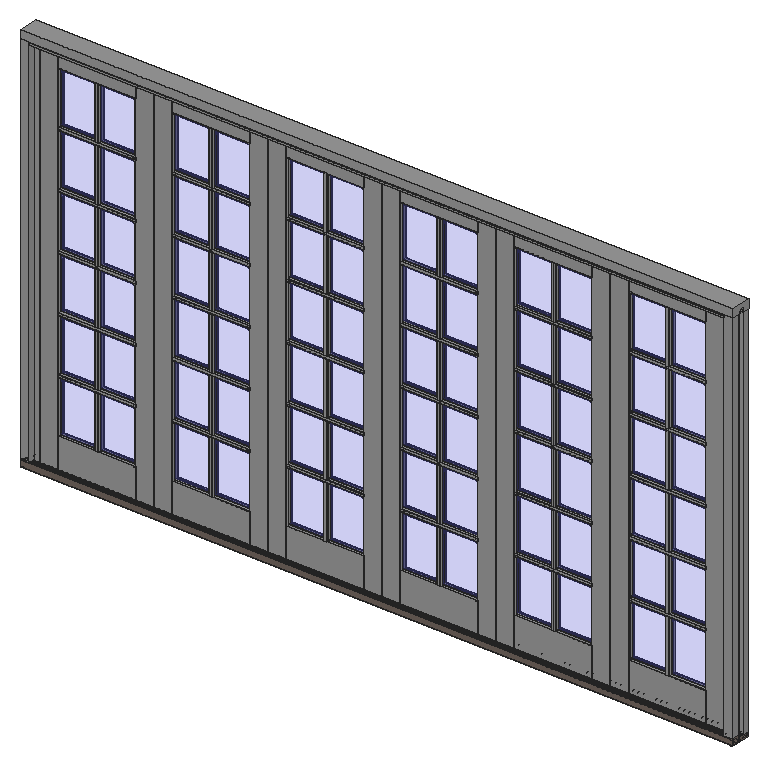
Revit family "VSFA 3820 SP", category Doors, host Wall, Revit 2015
Parameters (values of type "VSFA 3820 SP")
  Function = Interior
  Frame Projection Ext. = 25 mm
  Frame Projection Int. = 25 mm
  Frame Width = 75 mm
  Height = 2100 mm
  Wall Closure = By host
  Width = 3820 mm
Reference planes
  plane 1: y = 0
  plane 2 "Center (Left/Right)": x = 0
  plane 3 "Left": x = -1910
  plane 4 "Right": x = 1910
  plane 5: z = 2100
  plane 6 "Exterior": y = 75
  plane 7 "Interior": y = -75
  plane 8: x = 1835
  plane 9: x = 1225
  plane 10: x = 1222.5
  plane 11: x = 612.5
  plane 12: x = 610
  plane 13: x = -1835
  plane 14: x = -1225
  plane 15: x = -1222.5
  plane 16: x = -612.5
  plane 17: x = -610
Forms (mm)
  Extrusion 1, solid, material "Aluminium Cill (Bronze)"
    sketch origin (0, 79.18, -119.746) x (0, 1, 0) y (0, 0, -1)
      loop
        arc (-26.68, -120.746) -> (-26.972, -120.039) -> (-27.68, -119.746) r 1
        line (-27.68, -119.746) -> (-130.68, -119.746)
        arc (-130.68, -119.746) -> (-131.387, -120.039) -> (-131.68, -120.746) r 1
        line (-131.68, -120.746) -> (-131.68, -150.746)
        arc (-131.68, -150.746) -> (-131.387, -151.453) -> (-130.68, -151.746) r 1
        line (-130.68, -151.746) -> (-120.912, -151.746)
        arc (-120.912, -151.746) -> (-119.18, -150.746) -> (-117.447, -151.746) r 2
        line (-117.447, -151.746) -> (-112.912, -151.746)
        arc (-112.912, -151.746) -> (-111.18, -150.746) -> (-109.447, -151.746) r 2
        line (-109.447, -151.746) -> (-99.68, -151.746)
        arc (-99.68, -151.746) -> (-98.972, -151.453) -> (-98.68, -150.746) r 1
        line (-98.68, -150.746) -> (-98.68, -149.246)
        arc (-98.68, -149.246) -> (-99.18, -148.746) -> (-99.68, -149.246) r 0.5
        line (-99.68, -149.246) -> (-99.68, -150.246) -> (-100.88, -150.246) -> (-100.88, -142.734) -> (-99.68, -142.734) -> (-99.68, -143.746)
        arc (-99.68, -143.746) -> (-99.18, -144.246) -> (-98.68, -143.746) r 0.5
        line (-98.68, -143.746) -> (-98.68, -138.746) -> (-90.432, -138.746) -> (-82.18, -138.746) -> (-82.18, -135.246)
        arc (-82.18, -135.246) -> (-81.74, -134.185) -> (-80.68, -133.746) r 1.5
        line (-80.68, -133.746) -> (-75.93, -133.746) -> (-75.93, -135.746) -> (-77.363, -135.746)
        arc (-77.363, -135.746) -> (-74.68, -138.746) -> (-71.996, -135.746) r 2.7
        line (-71.996, -135.746) -> (-73.43, -135.746) -> (-73.43, -133.746) -> (-68.68, -133.746)
        arc (-68.68, -133.746) -> (-67.619, -134.185) -> (-67.18, -135.246) r 1.5
        line (-67.18, -135.246) -> (-67.18, -138.746) -> (-60.412, -138.746)
        arc (-60.412, -138.746) -> (-58.68, -137.746) -> (-56.947, -138.746) r 2
        line (-56.947, -138.746) -> (-52.412, -138.746)
        arc (-52.412, -138.746) -> (-50.68, -137.746) -> (-48.947, -138.746) r 2
        line (-48.947, -138.746) -> (-44.412, -138.746)
        arc (-44.412, -138.746) -> (-42.68, -137.746) -> (-40.947, -138.746) r 2
        line (-40.947, -138.746) -> (-29.68, -138.746)
        arc (-29.68, -138.746) -> (-27.558, -137.867) -> (-26.68, -135.746) r 3
        line (-26.68, -135.746) -> (-26.68, -120.746)
      loop
        arc (-29.68, -137.246) -> (-28.619, -136.807) -> (-28.18, -135.746) r 1.5
        line (-28.18, -135.746) -> (-28.18, -121.246) -> (-73.93, -121.246) -> (-73.93, -132.246) -> (-68.68, -132.246)
        arc (-68.68, -132.246) -> (-66.558, -133.125) -> (-65.68, -135.246) r 3
        line (-65.68, -135.246) -> (-65.68, -137.246) -> (-61.129, -137.246)
        arc (-61.129, -137.246) -> (-58.68, -136.246) -> (-56.23, -137.246) r 3.5
        line (-56.23, -137.246) -> (-53.129, -137.246)
        arc (-53.129, -137.246) -> (-50.68, -136.246) -> (-48.23, -137.246) r 3.5
        line (-48.23, -137.246) -> (-45.129, -137.246)
        arc (-45.129, -137.246) -> (-42.68, -136.246) -> (-40.23, -137.246) r 3.5
        line (-40.23, -137.246) -> (-29.68, -137.246)
      loop
        line (-75.43, -132.246) -> (-75.43, -121.246) -> (-98.68, -121.246) -> (-98.68, -137.246) -> (-83.68, -137.246) -> (-83.68, -135.246)
        arc (-83.68, -135.246) -> (-82.801, -133.125) -> (-80.68, -132.246) r 3
        line (-80.68, -132.246) -> (-75.43, -132.246)
      loop
        line (-100.18, -121.246) -> (-130.18, -121.246) -> (-130.18, -150.246) -> (-121.629, -150.246)
        arc (-121.629, -150.246) -> (-119.18, -149.246) -> (-116.73, -150.246) r 3.5
        line (-116.73, -150.246) -> (-113.629, -150.246)
        arc (-113.629, -150.246) -> (-111.18, -149.246) -> (-108.73, -150.246) r 3.5
        line (-108.73, -150.246) -> (-102.38, -150.246) -> (-102.38, -141.246) -> (-100.18, -141.246) -> (-100.18, -121.246)
    from -1910 to 1910
  Extrusion 2, solid, material "Lauan, Meranti"
    sketch origin (-122.148, 0, 0) x (0, 1, 0) y (0, 0, 1)
      loop
        line (52.5, 2100) -> (-52.5, 2100) -> (-52.5, 2055) -> (-6.5, 2055) -> (-6.5, 2075) -> (15.5, 2075) -> (15.5, 2055) -> (52.5, 2055) -> (52.5, 2100)
    from -1787.852 to 2032.148
  Extrusion 3, solid, material "Lauan, Meranti"
    sketch origin (2.986, 0, 0) x (0, 1, 0) y (0, 0, 1)
      loop
        line (-52.5, 2052) -> (-52.5, 2042) -> (-20.5, 2042) -> (-20.5, 2045.5) -> (-27.5, 2045.5) -> (-27.5, 2048.5) -> (-20.5, 2048.5) -> (-20.5, 2055) -> (-49.5, 2055) -> (-49.5, 2052) -> (-52.5, 2052)
    from -1867.986 to 1862.014
  Extrusion 4, solid, material "Lauan, Meranti"
    sketch origin (615, 0, 0) x (1, 0, 0) y (0, 1, 0)
      loop
        line (1295, -52.5) -> (1295, -16.5) -> (1250, -16.5) -> (1250, -52.5) -> (1295, -52.5)
      loop
        line (1295, 52.5) -> (1250, 52.5) -> (1250, 25.5) -> (1295, 25.5) -> (1295, 52.5)
      loop
        line (1220, 24.5) -> (1220, -15.5) -> (1265, -15.5) -> (1265, -5.5) -> (1240, -5.5) -> (1240, 14.5) -> (1265, 14.5) -> (1265, 24.5) -> (1220, 24.5)
      loop
        line (-2525, -52.5) -> (-2480, -52.5) -> (-2480, -16.5) -> (-2525, -16.5) -> (-2525, -52.5)
      loop
        line (-2525, 52.5) -> (-2525, 25.5) -> (-2480, 25.5) -> (-2480, 52.5) -> (-2525, 52.5)
      loop
        line (-2450, 24.5) -> (-2495, 24.5) -> (-2495, 14.5) -> (-2470, 14.5) -> (-2470, -5.5) -> (-2495, -5.5) -> (-2495, -15.5) -> (-2450, -15.5) -> (-2450, 24.5)
    from 32 to 2055
  Extrusion 5, solid, material "Steel, Chrome Plated"
    sketch origin (129.456, -1.5, 0) x (0, 1, 0) y (0, 0, -1)
      loop
        line (16.5, -2075) -> (16.5, -2055) -> (14.3, -2055) -> (14.3, -2072.8) -> (-2.3, -2072.8) -> (-2.3, -2055) -> (-4.5, -2055) -> (-4.5, -2075) -> (16.5, -2075)
    from -1780.544 to 2039.456
  Extrusion 6, solid, material "Lauan, Meranti"
    sketch origin (615, 0, 0) x (1, 0, 0) y (0, 1, 0)
      loop
        line (1250, 52.5) -> (1250, 25.5) -> (1295, 25.5) -> (1295, 52.5) -> (1250, 52.5)
      loop
        line (1265, 24.5) -> (1220, 24.5) -> (1220, -15.5) -> (1265, -15.5) -> (1265, -5.5) -> (1240, -5.5) -> (1240, 14.5) -> (1265, 14.5) -> (1265, 24.5)
      loop
        line (-2480, 52.5) -> (-2525, 52.5) -> (-2525, 25.5) -> (-2480, 25.5) -> (-2480, 52.5)
      loop
        line (-2495, 24.5) -> (-2495, 14.5) -> (-2470, 14.5) -> (-2470, -5.5) -> (-2495, -5.5) -> (-2495, -15.5) -> (-2450, -15.5) -> (-2450, 24.5) -> (-2495, 24.5)
    from 19 to 32
  Extrusion 7, solid, material "Lauan, Meranti"
    sketch origin (2155, 0, 0) x (1, 0, 0) y (0, 1, 0)
      loop
        line (-930, -15.5) -> (-834, -15.5) -> (-834, -13.5)
        arc (-834, -13.5) -> (-829.265, -11.94) -> (-827, -7.5) r 6.549
        line (-827, -7.5) -> (-825, -7.5) -> (-825, -5.5) -> (-834, -5.5) -> (-834, 24.5) -> (-930, 24.5) -> (-930, -15.5)
      loop
        line (-320, -15.5) -> (-320, 24.5) -> (-416, 24.5) -> (-416, -5.5) -> (-425, -5.5) -> (-425, -7.5) -> (-423, -7.5)
        arc (-423, -7.5) -> (-420.735, -11.94) -> (-416, -13.5) r 6.549
        line (-416, -13.5) -> (-416, -15.5) -> (-320, -15.5)
    from 19 to 2055
  Extrusion 8, solid, material "Lauan, Meranti"
    sketch origin (1542.5, 0, 0) x (1, 0, 0) y (0, 1, 0)
      loop
        line (-930, -15.5) -> (-834, -15.5) -> (-834, -13.5)
        arc (-834, -13.5) -> (-829.265, -11.94) -> (-827, -7.5) r 6.549
        line (-827, -7.5) -> (-825, -7.5) -> (-825, -5.5) -> (-834, -5.5) -> (-834, 24.5) -> (-930, 24.5) -> (-930, -15.5)
      loop
        line (-320, -15.5) -> (-320, 24.5) -> (-416, 24.5) -> (-416, -5.5) -> (-425, -5.5) -> (-425, -7.5) -> (-423, -7.5)
        arc (-423, -7.5) -> (-420.735, -11.94) -> (-416, -13.5) r 6.549
        line (-416, -13.5) -> (-416, -15.5) -> (-320, -15.5)
    from 19 to 2055
  Extrusion 9, solid, material "Lauan, Meranti"
    sketch origin (930, 0, 0) x (1, 0, 0) y (0, 1, 0)
      loop
        line (-930, -15.5) -> (-834, -15.5) -> (-834, -13.5)
        arc (-834, -13.5) -> (-829.265, -11.94) -> (-827, -7.5) r 6.549
        line (-827, -7.5) -> (-825, -7.5) -> (-825, -5.5) -> (-834, -5.5) -> (-834, 24.5) -> (-930, 24.5) -> (-930, -15.5)
      loop
        line (-320, -15.5) -> (-320, 24.5) -> (-416, 24.5) -> (-416, -5.5) -> (-425, -5.5) -> (-425, -7.5) -> (-423, -7.5)
        arc (-423, -7.5) -> (-420.735, -11.94) -> (-416, -13.5) r 6.549
        line (-416, -13.5) -> (-416, -15.5) -> (-320, -15.5)
    from 19 to 2055
  Extrusion 10, solid, material "Lauan, Meranti"
    sketch origin (320, 0, 0) x (1, 0, 0) y (0, 1, 0)
      loop
        line (-930, -15.5) -> (-834, -15.5) -> (-834, -13.5)
        arc (-834, -13.5) -> (-829.265, -11.94) -> (-827, -7.5) r 6.549
        line (-827, -7.5) -> (-825, -7.5) -> (-825, -5.5) -> (-834, -5.5) -> (-834, 24.5) -> (-930, 24.5) -> (-930, -15.5)
      loop
        line (-320, -15.5) -> (-320, 24.5) -> (-416, 24.5) -> (-416, -5.5) -> (-425, -5.5) -> (-425, -7.5) -> (-423, -7.5)
        arc (-423, -7.5) -> (-420.735, -11.94) -> (-416, -13.5) r 6.549
        line (-416, -13.5) -> (-416, -15.5) -> (-320, -15.5)
    from 19 to 2055
  Extrusion 11, solid, material "Lauan, Meranti"
    sketch origin (-292.5, 0, 0) x (1, 0, 0) y (0, 1, 0)
      loop
        line (-930, -15.5) -> (-834, -15.5) -> (-834, -13.5)
        arc (-834, -13.5) -> (-829.265, -11.94) -> (-827, -7.5) r 6.549
        line (-827, -7.5) -> (-825, -7.5) -> (-825, -5.5) -> (-834, -5.5) -> (-834, 24.5) -> (-930, 24.5) -> (-930, -15.5)
      loop
        line (-320, -15.5) -> (-320, 24.5) -> (-416, 24.5) -> (-416, -5.5) -> (-425, -5.5) -> (-425, -7.5) -> (-423, -7.5)
        arc (-423, -7.5) -> (-420.735, -11.94) -> (-416, -13.5) r 6.549
        line (-416, -13.5) -> (-416, -15.5) -> (-320, -15.5)
    from 19 to 2055
  Extrusion 12, solid, material "Lauan, Meranti"
    sketch origin (-905, 0, 0) x (1, 0, 0) y (0, 1, 0)
      loop
        line (-930, -15.5) -> (-834, -15.5) -> (-834, -13.5)
        arc (-834, -13.5) -> (-829.265, -11.94) -> (-827, -7.5) r 6.549
        line (-827, -7.5) -> (-825, -7.5) -> (-825, -5.5) -> (-834, -5.5) -> (-834, 24.5) -> (-930, 24.5) -> (-930, -15.5)
      loop
        line (-320, -15.5) -> (-320, 24.5) -> (-416, 24.5) -> (-416, -5.5) -> (-425, -5.5) -> (-425, -7.5) -> (-423, -7.5)
        arc (-423, -7.5) -> (-420.735, -11.94) -> (-416, -13.5) r 6.549
        line (-416, -13.5) -> (-416, -15.5) -> (-320, -15.5)
    from 19 to 2055
  Extrusion 13, solid, material "Lauan, Meranti"
    sketch origin (4059.03, 0, -20) x (1, 0, 0) y (0, 1, 0)
      loop
        line (-4071.03, 34.5) -> (-4071.03, 32.5)
        arc (-4071.03, 32.5) -> (-4076.687, 30.157) -> (-4079.03, 24.5) r 8
        line (-4079.03, 24.5) -> (-4039.03, 24.5)
        arc (-4039.03, 24.5) -> (-4041.373, 30.157) -> (-4047.03, 32.5) r 8
        line (-4047.03, 32.5) -> (-4047.03, 34.5) -> (-4071.03, 34.5)
    from 39 to 2075
  Extrusion 14, solid, material "Lauan, Meranti"
    sketch origin (1569.765, 0, 0) x (0, 1, 0) y (0, 0, -1)
      loop
        line (-15.5, -190) -> (-13.5, -190)
        arc (-13.5, -190) -> (-11.866, -194.67) -> (-7.5, -197) r 6.807
        line (-7.5, -197) -> (-7.5, -199) -> (-5.5, -199) -> (-5.5, -190) -> (24.5, -190) -> (24.5, -19) -> (-15.5, -19) -> (-15.5, -190)
      loop
        arc (-7.5, -1952) -> (-11.866, -1954.33) -> (-13.5, -1959) r 6.807
        line (-13.5, -1959) -> (-15.5, -1959) -> (-15.5, -2055) -> (24.5, -2055) -> (24.5, -1959) -> (-5.5, -1959) -> (-5.5, -1950) -> (-7.5, -1950) -> (-7.5, -1952)
      loop
        line (-15.5, -1675) -> (-13.5, -1675)
        arc (-13.5, -1675) -> (-11.866, -1679.67) -> (-7.5, -1682) r 6.807
        line (-7.5, -1682) -> (-7.5, -1684) -> (-5.5, -1684) -> (-5.5, -1675) -> (24.5, -1675) -> (24.5, -1662) -> (-5.5, -1662) -> (-5.5, -1653) -> (-7.5, -1653) -> (-7.5, -1655)
        arc (-7.5, -1655) -> (-11.866, -1657.33) -> (-13.5, -1662) r 6.807
        line (-13.5, -1662) -> (-15.5, -1662) -> (-15.5, -1675)
      loop
        line (-15.5, -1378) -> (-13.5, -1378)
        arc (-13.5, -1378) -> (-11.866, -1382.67) -> (-7.5, -1385) r 6.807
        line (-7.5, -1385) -> (-7.5, -1387) -> (-5.5, -1387) -> (-5.5, -1378) -> (24.5, -1378) -> (24.5, -1365) -> (-5.5, -1365) -> (-5.5, -1356) -> (-7.5, -1356) -> (-7.5, -1358)
        arc (-7.5, -1358) -> (-11.866, -1360.33) -> (-13.5, -1365) r 6.807
        line (-13.5, -1365) -> (-15.5, -1365) -> (-15.5, -1378)
      loop
        line (-15.5, -1081) -> (-13.5, -1081)
        arc (-13.5, -1081) -> (-11.866, -1085.67) -> (-7.5, -1088) r 6.807
        line (-7.5, -1088) -> (-7.5, -1090) -> (-5.5, -1090) -> (-5.5, -1081) -> (24.5, -1081) -> (24.5, -1068) -> (-5.5, -1068) -> (-5.5, -1059) -> (-7.5, -1059) -> (-7.5, -1061)
        arc (-7.5, -1061) -> (-11.866, -1063.33) -> (-13.5, -1068) r 6.807
        line (-13.5, -1068) -> (-15.5, -1068) -> (-15.5, -1081)
      loop
        line (-15.5, -784) -> (-13.5, -784)
        arc (-13.5, -784) -> (-11.866, -788.67) -> (-7.5, -791) r 6.807
        line (-7.5, -791) -> (-7.5, -793) -> (-5.5, -793) -> (-5.5, -784) -> (24.5, -784) -> (24.5, -771) -> (-5.5, -771) -> (-5.5, -762) -> (-7.5, -762) -> (-7.5, -764)
        arc (-7.5, -764) -> (-11.866, -766.33) -> (-13.5, -771) r 6.807
        line (-13.5, -771) -> (-15.5, -771) -> (-15.5, -784)
      loop
        line (-15.5, -487) -> (-13.5, -487)
        arc (-13.5, -487) -> (-11.866, -491.67) -> (-7.5, -494) r 6.807
        line (-7.5, -494) -> (-7.5, -496) -> (-5.5, -496) -> (-5.5, -487) -> (24.5, -487) -> (24.5, -474) -> (-5.5, -474) -> (-5.5, -465) -> (-7.5, -465) -> (-7.5, -467)
        arc (-7.5, -467) -> (-11.866, -469.33) -> (-13.5, -474) r 6.807
        line (-13.5, -474) -> (-15.5, -474) -> (-15.5, -487)
    from -169.235 to 248.765
  Sweep 15, solid, material "Lauan, Meranti"
    path origin (1862.124, -75, -1252.272) x (-1, 0, 0) y (0, 0, -1)
      loop
        line (338.624, -1726.272) -> (541.124, -1726.272) -> (541.124, -1442.272) -> (338.624, -1442.272) -> (338.624, -1726.272)
    profile origin (1422.25, -75, 474) x (0, 0, -1) y (0, -1, 0)
      loop
        line (9, -78) -> (0, -78) -> (0, -86)
        arc (0, -86) -> (4.67, -84.366) -> (7, -80) r 6.807
        line (7, -80) -> (9, -80) -> (9, -78)
  Extrusion 16, solid, material "Glass"
    sketch origin (1593.192, -110.55, -763.769) x (-1, 0, 0) y (0, 0, -1)
      loop
        line (272.18, -953.779) -> (69.692, -953.779) -> (69.692, -1237.769) -> (272.18, -1237.769) -> (272.18, -953.779)
      loop
        line (56.692, -1237.769) -> (56.692, -953.769) -> (-145.808, -953.769) -> (-145.808, -1237.769) -> (56.692, -1237.769)
      loop
        line (272.18, -1250.779) -> (69.692, -1250.779) -> (69.692, -1534.769) -> (272.18, -1534.769) -> (272.18, -1250.779)
      loop
        line (56.692, -1534.769) -> (56.692, -1250.769) -> (-145.808, -1250.769) -> (-145.808, -1534.769) -> (56.692, -1534.769)
      loop
        line (272.18, -1547.779) -> (69.692, -1547.779) -> (69.692, -1831.769) -> (272.18, -1831.769) -> (272.18, -1547.779)
      loop
        line (56.692, -1831.769) -> (56.692, -1547.769) -> (-145.808, -1547.769) -> (-145.808, -1831.769) -> (56.692, -1831.769)
      loop
        line (272.18, -1844.779) -> (69.692, -1844.779) -> (69.692, -2128.769) -> (272.18, -2128.769) -> (272.18, -1844.779)
      loop
        line (56.692, -2128.769) -> (56.692, -1844.769) -> (-145.808, -1844.769) -> (-145.808, -2128.769) -> (56.692, -2128.769)
      loop
        line (272.18, -2141.779) -> (69.692, -2141.779) -> (69.692, -2425.769) -> (272.18, -2425.769) -> (272.18, -2141.779)
      loop
        line (56.692, -2425.769) -> (56.692, -2141.769) -> (-145.808, -2141.769) -> (-145.808, -2425.769) -> (56.692, -2425.769)
      loop
        line (272.18, -2438.779) -> (69.692, -2438.779) -> (69.692, -2722.769) -> (272.18, -2722.769) -> (272.18, -2438.779)
      loop
        line (56.692, -2722.769) -> (56.692, -2438.769) -> (-145.808, -2438.769) -> (-145.808, -2722.769) -> (56.692, -2722.769)
    from -112.5 to -106.1
  Extrusion 17, solid, material "Lauan, Meranti"
    sketch origin (2125, 0, 0) x (-1, 0, 0) y (0, -1, 0)
      loop
        line (601.5, 15.5) -> (588.5, 15.5) -> (588.5, 13.5)
        arc (588.5, 13.5) -> (583.83, 11.866) -> (581.5, 7.5) r 6.807
        line (581.5, 7.5) -> (579.5, 7.5) -> (579.5, 5.5) -> (588.5, 5.5) -> (588.5, -24.5) -> (601.5, -24.5) -> (601.5, 5.5) -> (610.5, 5.5) -> (610.5, 7.5) -> (608.5, 7.5)
        arc (608.5, 7.5) -> (606.17, 11.866) -> (601.5, 13.5) r 6.807
        line (601.5, 13.5) -> (601.5, 15.5)
    from 190 to 474
  Sweep 18, solid, material "Lauan, Meranti"
    path origin (2077.612, -75, -1252.272) x (-1, 0, 0) y (0, 0, -1)
      loop
        line (338.624, -1726.272) -> (541.124, -1726.272) -> (541.124, -1442.272) -> (338.624, -1442.272) -> (338.624, -1726.272)
    profile origin (1637.738, -75, 474) x (0, 0, -1) y (0, -1, 0)
      loop
        line (9, -78) -> (0, -78) -> (0, -86)
        arc (0, -86) -> (4.67, -84.366) -> (7, -80) r 6.807
        line (7, -80) -> (9, -80) -> (9, -78)
  Sweep 19, solid, material "Lauan, Meranti"
    path origin (1862.124, -75, -955.284) x (-1, 0, 0) y (0, 0, -1)
      loop
        line (338.624, -1726.272) -> (541.124, -1726.272) -> (541.124, -1442.272) -> (338.624, -1442.272) -> (338.624, -1726.272)
    profile origin (1422.25, -75, 770.988) x (0, 0, -1) y (0, -1, 0)
      loop
        line (9, -78) -> (0, -78) -> (0, -86)
        arc (0, -86) -> (4.67, -84.366) -> (7, -80) r 6.807
        line (7, -80) -> (9, -80) -> (9, -78)
  Extrusion 20, solid, material "Lauan, Meranti"
    sketch origin (2125, 0, 296.988) x (-1, 0, 0) y (0, -1, 0)
      loop
        line (601.5, 15.5) -> (588.5, 15.5) -> (588.5, 13.5)
        arc (588.5, 13.5) -> (583.83, 11.866) -> (581.5, 7.5) r 6.807
        line (581.5, 7.5) -> (579.5, 7.5) -> (579.5, 5.5) -> (588.5, 5.5) -> (588.5, -24.5) -> (601.5, -24.5) -> (601.5, 5.5) -> (610.5, 5.5) -> (610.5, 7.5) -> (608.5, 7.5)
        arc (608.5, 7.5) -> (606.17, 11.866) -> (601.5, 13.5) r 6.807
        line (601.5, 13.5) -> (601.5, 15.5)
    from 190 to 474
  Sweep 21, solid, material "Lauan, Meranti"
    path origin (2077.612, -75, -955.284) x (-1, 0, 0) y (0, 0, -1)
      loop
        line (338.624, -1726.272) -> (541.124, -1726.272) -> (541.124, -1442.272) -> (338.624, -1442.272) -> (338.624, -1726.272)
    profile origin (1637.738, -75, 770.988) x (0, 0, -1) y (0, -1, 0)
      loop
        line (9, -78) -> (0, -78) -> (0, -86)
        arc (0, -86) -> (4.67, -84.366) -> (7, -80) r 6.807
        line (7, -80) -> (9, -80) -> (9, -78)
  Sweep 22, solid, material "Lauan, Meranti"
    path origin (1862.124, -75, -658.284) x (-1, 0, 0) y (0, 0, -1)
      loop
        line (338.624, -1726.272) -> (541.124, -1726.272) -> (541.124, -1442.272) -> (338.624, -1442.272) -> (338.624, -1726.272)
    profile origin (1422.25, -75, 1067.988) x (0, 0, -1) y (0, -1, 0)
      loop
        line (9, -78) -> (0, -78) -> (0, -86)
        arc (0, -86) -> (4.67, -84.366) -> (7, -80) r 6.807
        line (7, -80) -> (9, -80) -> (9, -78)
  Extrusion 23, solid, material "Lauan, Meranti"
    sketch origin (2125, 0, 593.988) x (-1, 0, 0) y (0, -1, 0)
      loop
        line (601.5, 15.5) -> (588.5, 15.5) -> (588.5, 13.5)
        arc (588.5, 13.5) -> (583.83, 11.866) -> (581.5, 7.5) r 6.807
        line (581.5, 7.5) -> (579.5, 7.5) -> (579.5, 5.5) -> (588.5, 5.5) -> (588.5, -24.5) -> (601.5, -24.5) -> (601.5, 5.5) -> (610.5, 5.5) -> (610.5, 7.5) -> (608.5, 7.5)
        arc (608.5, 7.5) -> (606.17, 11.866) -> (601.5, 13.5) r 6.807
        line (601.5, 13.5) -> (601.5, 15.5)
    from 190 to 474
  Sweep 24, solid, material "Lauan, Meranti"
    path origin (2077.612, -75, -658.284) x (-1, 0, 0) y (0, 0, -1)
      loop
        line (338.624, -1726.272) -> (541.124, -1726.272) -> (541.124, -1442.272) -> (338.624, -1442.272) -> (338.624, -1726.272)
    profile origin (1637.738, -75, 1067.988) x (0, 0, -1) y (0, -1, 0)
      loop
        line (9, -78) -> (0, -78) -> (0, -86)
        arc (0, -86) -> (4.67, -84.366) -> (7, -80) r 6.807
        line (7, -80) -> (9, -80) -> (9, -78)
  Sweep 25, solid, material "Lauan, Meranti"
    path origin (1862.124, -75, -361.284) x (-1, 0, 0) y (0, 0, -1)
      loop
        line (338.624, -1726.272) -> (541.124, -1726.272) -> (541.124, -1442.272) -> (338.624, -1442.272) -> (338.624, -1726.272)
    profile origin (1422.25, -75, 1364.988) x (0, 0, -1) y (0, -1, 0)
      loop
        line (9, -78) -> (0, -78) -> (0, -86)
        arc (0, -86) -> (4.67, -84.366) -> (7, -80) r 6.807
        line (7, -80) -> (9, -80) -> (9, -78)
  Extrusion 26, solid, material "Lauan, Meranti"
    sketch origin (2125, 0, 890.988) x (-1, 0, 0) y (0, -1, 0)
      loop
        line (601.5, 15.5) -> (588.5, 15.5) -> (588.5, 13.5)
        arc (588.5, 13.5) -> (583.83, 11.866) -> (581.5, 7.5) r 6.807
        line (581.5, 7.5) -> (579.5, 7.5) -> (579.5, 5.5) -> (588.5, 5.5) -> (588.5, -24.5) -> (601.5, -24.5) -> (601.5, 5.5) -> (610.5, 5.5) -> (610.5, 7.5) -> (608.5, 7.5)
        arc (608.5, 7.5) -> (606.17, 11.866) -> (601.5, 13.5) r 6.807
        line (601.5, 13.5) -> (601.5, 15.5)
    from 190 to 474
  Sweep 27, solid, material "Lauan, Meranti"
    path origin (2077.612, -75, -361.284) x (-1, 0, 0) y (0, 0, -1)
      loop
        line (338.624, -1726.272) -> (541.124, -1726.272) -> (541.124, -1442.272) -> (338.624, -1442.272) -> (338.624, -1726.272)
    profile origin (1637.738, -75, 1364.988) x (0, 0, -1) y (0, -1, 0)
      loop
        line (9, -78) -> (0, -78) -> (0, -86)
        arc (0, -86) -> (4.67, -84.366) -> (7, -80) r 6.807
        line (7, -80) -> (9, -80) -> (9, -78)
  Sweep 28, solid, material "Lauan, Meranti"
    path origin (1862.124, -75, -64.284) x (-1, 0, 0) y (0, 0, -1)
      loop
        line (338.624, -1726.272) -> (541.124, -1726.272) -> (541.124, -1442.272) -> (338.624, -1442.272) -> (338.624, -1726.272)
    profile origin (1422.25, -75, 1661.988) x (0, 0, -1) y (0, -1, 0)
      loop
        line (9, -78) -> (0, -78) -> (0, -86)
        arc (0, -86) -> (4.67, -84.366) -> (7, -80) r 6.807
        line (7, -80) -> (9, -80) -> (9, -78)
  Extrusion 29, solid, material "Lauan, Meranti"
    sketch origin (2125, 0, 1187.988) x (-1, 0, 0) y (0, -1, 0)
      loop
        line (601.5, 15.5) -> (588.5, 15.5) -> (588.5, 13.5)
        arc (588.5, 13.5) -> (583.83, 11.866) -> (581.5, 7.5) r 6.807
        line (581.5, 7.5) -> (579.5, 7.5) -> (579.5, 5.5) -> (588.5, 5.5) -> (588.5, -24.5) -> (601.5, -24.5) -> (601.5, 5.5) -> (610.5, 5.5) -> (610.5, 7.5) -> (608.5, 7.5)
        arc (608.5, 7.5) -> (606.17, 11.866) -> (601.5, 13.5) r 6.807
        line (601.5, 13.5) -> (601.5, 15.5)
    from 190 to 474
  Sweep 30, solid, material "Lauan, Meranti"
    path origin (2077.612, -75, -64.284) x (-1, 0, 0) y (0, 0, -1)
      loop
        line (338.624, -1726.272) -> (541.124, -1726.272) -> (541.124, -1442.272) -> (338.624, -1442.272) -> (338.624, -1726.272)
    profile origin (1637.738, -75, 1661.988) x (0, 0, -1) y (0, -1, 0)
      loop
        line (9, -78) -> (0, -78) -> (0, -86)
        arc (0, -86) -> (4.67, -84.366) -> (7, -80) r 6.807
        line (7, -80) -> (9, -80) -> (9, -78)
  Sweep 31, solid, material "Lauan, Meranti"
    path origin (1862.124, -75, 232.716) x (-1, 0, 0) y (0, 0, -1)
      loop
        line (338.624, -1726.272) -> (541.124, -1726.272) -> (541.124, -1442.272) -> (338.624, -1442.272) -> (338.624, -1726.272)
    profile origin (1422.25, -75, 1958.988) x (0, 0, -1) y (0, -1, 0)
      loop
        line (9, -78) -> (0, -78) -> (0, -86)
        arc (0, -86) -> (4.67, -84.366) -> (7, -80) r 6.807
        line (7, -80) -> (9, -80) -> (9, -78)
  Extrusion 32, solid, material "Lauan, Meranti"
    sketch origin (2125, 0, 1484.988) x (-1, 0, 0) y (0, -1, 0)
      loop
        line (601.5, 15.5) -> (588.5, 15.5) -> (588.5, 13.5)
        arc (588.5, 13.5) -> (583.83, 11.866) -> (581.5, 7.5) r 6.807
        line (581.5, 7.5) -> (579.5, 7.5) -> (579.5, 5.5) -> (588.5, 5.5) -> (588.5, -24.5) -> (601.5, -24.5) -> (601.5, 5.5) -> (610.5, 5.5) -> (610.5, 7.5) -> (608.5, 7.5)
        arc (608.5, 7.5) -> (606.17, 11.866) -> (601.5, 13.5) r 6.807
        line (601.5, 13.5) -> (601.5, 15.5)
    from 190 to 474
  Sweep 33, solid, material "Lauan, Meranti"
    path origin (2077.612, -75, 232.716) x (-1, 0, 0) y (0, 0, -1)
      loop
        line (338.624, -1726.272) -> (541.124, -1726.272) -> (541.124, -1442.272) -> (338.624, -1442.272) -> (338.624, -1726.272)
    profile origin (1637.738, -75, 1958.988) x (0, 0, -1) y (0, -1, 0)
      loop
        line (9, -78) -> (0, -78) -> (0, -86)
        arc (0, -86) -> (4.67, -84.366) -> (7, -80) r 6.807
        line (7, -80) -> (9, -80) -> (9, -78)
  Extrusion 34, solid, material "Lauan, Meranti"
    sketch origin (957.265, 0, 0) x (0, 1, 0) y (0, 0, -1)
      loop
        line (-15.5, -190) -> (-13.5, -190)
        arc (-13.5, -190) -> (-11.866, -194.67) -> (-7.5, -197) r 6.807
        line (-7.5, -197) -> (-7.5, -199) -> (-5.5, -199) -> (-5.5, -190) -> (24.5, -190) -> (24.5, -19) -> (-15.5, -19) -> (-15.5, -190)
      loop
        arc (-7.5, -1952) -> (-11.866, -1954.33) -> (-13.5, -1959) r 6.807
        line (-13.5, -1959) -> (-15.5, -1959) -> (-15.5, -2055) -> (24.5, -2055) -> (24.5, -1959) -> (-5.5, -1959) -> (-5.5, -1950) -> (-7.5, -1950) -> (-7.5, -1952)
      loop
        line (-15.5, -1675) -> (-13.5, -1675)
        arc (-13.5, -1675) -> (-11.866, -1679.67) -> (-7.5, -1682) r 6.807
        line (-7.5, -1682) -> (-7.5, -1684) -> (-5.5, -1684) -> (-5.5, -1675) -> (24.5, -1675) -> (24.5, -1662) -> (-5.5, -1662) -> (-5.5, -1653) -> (-7.5, -1653) -> (-7.5, -1655)
        arc (-7.5, -1655) -> (-11.866, -1657.33) -> (-13.5, -1662) r 6.807
        line (-13.5, -1662) -> (-15.5, -1662) -> (-15.5, -1675)
      loop
        line (-15.5, -1378) -> (-13.5, -1378)
        arc (-13.5, -1378) -> (-11.866, -1382.67) -> (-7.5, -1385) r 6.807
        line (-7.5, -1385) -> (-7.5, -1387) -> (-5.5, -1387) -> (-5.5, -1378) -> (24.5, -1378) -> (24.5, -1365) -> (-5.5, -1365) -> (-5.5, -1356) -> (-7.5, -1356) -> (-7.5, -1358)
        arc (-7.5, -1358) -> (-11.866, -1360.33) -> (-13.5, -1365) r 6.807
        line (-13.5, -1365) -> (-15.5, -1365) -> (-15.5, -1378)
      loop
        line (-15.5, -1081) -> (-13.5, -1081)
        arc (-13.5, -1081) -> (-11.866, -1085.67) -> (-7.5, -1088) r 6.807
        line (-7.5, -1088) -> (-7.5, -1090) -> (-5.5, -1090) -> (-5.5, -1081) -> (24.5, -1081) -> (24.5, -1068) -> (-5.5, -1068) -> (-5.5, -1059) -> (-7.5, -1059) -> (-7.5, -1061)
        arc (-7.5, -1061) -> (-11.866, -1063.33) -> (-13.5, -1068) r 6.807
        line (-13.5, -1068) -> (-15.5, -1068) -> (-15.5, -1081)
      loop
        line (-15.5, -784) -> (-13.5, -784)
        arc (-13.5, -784) -> (-11.866, -788.67) -> (-7.5, -791) r 6.807
        line (-7.5, -791) -> (-7.5, -793) -> (-5.5, -793) -> (-5.5, -784) -> (24.5, -784) -> (24.5, -771) -> (-5.5, -771) -> (-5.5, -762) -> (-7.5, -762) -> (-7.5, -764)
        arc (-7.5, -764) -> (-11.866, -766.33) -> (-13.5, -771) r 6.807
        line (-13.5, -771) -> (-15.5, -771) -> (-15.5, -784)
      loop
        line (-15.5, -487) -> (-13.5, -487)
        arc (-13.5, -487) -> (-11.866, -491.67) -> (-7.5, -494) r 6.807
        line (-7.5, -494) -> (-7.5, -496) -> (-5.5, -496) -> (-5.5, -487) -> (24.5, -487) -> (24.5, -474) -> (-5.5, -474) -> (-5.5, -465) -> (-7.5, -465) -> (-7.5, -467)
        arc (-7.5, -467) -> (-11.866, -469.33) -> (-13.5, -474) r 6.807
        line (-13.5, -474) -> (-15.5, -474) -> (-15.5, -487)
    from -169.235 to 248.765
  Sweep 35, solid, material "Lauan, Meranti"
    path origin (1249.624, -75, -1252.272) x (-1, 0, 0) y (0, 0, -1)
      loop
        line (338.624, -1726.272) -> (541.124, -1726.272) -> (541.124, -1442.272) -> (338.624, -1442.272) -> (338.624, -1726.272)
    profile origin (809.75, -75, 474) x (0, 0, -1) y (0, -1, 0)
      loop
        line (9, -78) -> (0, -78) -> (0, -86)
        arc (0, -86) -> (4.67, -84.366) -> (7, -80) r 6.807
        line (7, -80) -> (9, -80) -> (9, -78)
  Extrusion 36, solid, material "Glass"
    sketch origin (980.692, -110.55, -763.769) x (-1, 0, 0) y (0, 0, -1)
      loop
        line (272.18, -953.779) -> (69.692, -953.779) -> (69.692, -1237.769) -> (272.18, -1237.769) -> (272.18, -953.779)
      loop
        line (56.692, -1237.769) -> (56.692, -953.769) -> (-145.808, -953.769) -> (-145.808, -1237.769) -> (56.692, -1237.769)
      loop
        line (272.18, -1250.779) -> (69.692, -1250.779) -> (69.692, -1534.769) -> (272.18, -1534.769) -> (272.18, -1250.779)
      loop
        line (56.692, -1534.769) -> (56.692, -1250.769) -> (-145.808, -1250.769) -> (-145.808, -1534.769) -> (56.692, -1534.769)
      loop
        line (272.18, -1547.779) -> (69.692, -1547.779) -> (69.692, -1831.769) -> (272.18, -1831.769) -> (272.18, -1547.779)
      loop
        line (56.692, -1831.769) -> (56.692, -1547.769) -> (-145.808, -1547.769) -> (-145.808, -1831.769) -> (56.692, -1831.769)
      loop
        line (272.18, -1844.779) -> (69.692, -1844.779) -> (69.692, -2128.769) -> (272.18, -2128.769) -> (272.18, -1844.779)
      loop
        line (56.692, -2128.769) -> (56.692, -1844.769) -> (-145.808, -1844.769) -> (-145.808, -2128.769) -> (56.692, -2128.769)
      loop
        line (272.18, -2141.779) -> (69.692, -2141.779) -> (69.692, -2425.769) -> (272.18, -2425.769) -> (272.18, -2141.779)
      loop
        line (56.692, -2425.769) -> (56.692, -2141.769) -> (-145.808, -2141.769) -> (-145.808, -2425.769) -> (56.692, -2425.769)
      loop
        line (272.18, -2438.779) -> (69.692, -2438.779) -> (69.692, -2722.769) -> (272.18, -2722.769) -> (272.18, -2438.779)
      loop
        line (56.692, -2722.769) -> (56.692, -2438.769) -> (-145.808, -2438.769) -> (-145.808, -2722.769) -> (56.692, -2722.769)
    from -112.5 to -106.1
  Extrusion 37, solid, material "Lauan, Meranti"
    sketch origin (1512.5, 0, 0) x (-1, 0, 0) y (0, -1, 0)
      loop
        line (601.5, 15.5) -> (588.5, 15.5) -> (588.5, 13.5)
        arc (588.5, 13.5) -> (583.83, 11.866) -> (581.5, 7.5) r 6.807
        line (581.5, 7.5) -> (579.5, 7.5) -> (579.5, 5.5) -> (588.5, 5.5) -> (588.5, -24.5) -> (601.5, -24.5) -> (601.5, 5.5) -> (610.5, 5.5) -> (610.5, 7.5) -> (608.5, 7.5)
        arc (608.5, 7.5) -> (606.17, 11.866) -> (601.5, 13.5) r 6.807
        line (601.5, 13.5) -> (601.5, 15.5)
    from 190 to 474
  Sweep 38, solid, material "Lauan, Meranti"
    path origin (1465.112, -75, -1252.272) x (-1, 0, 0) y (0, 0, -1)
      loop
        line (338.624, -1726.272) -> (541.124, -1726.272) -> (541.124, -1442.272) -> (338.624, -1442.272) -> (338.624, -1726.272)
    profile origin (1025.238, -75, 474) x (0, 0, -1) y (0, -1, 0)
      loop
        line (9, -78) -> (0, -78) -> (0, -86)
        arc (0, -86) -> (4.67, -84.366) -> (7, -80) r 6.807
        line (7, -80) -> (9, -80) -> (9, -78)
  Sweep 39, solid, material "Lauan, Meranti"
    path origin (1249.624, -75, -955.284) x (-1, 0, 0) y (0, 0, -1)
      loop
        line (338.624, -1726.272) -> (541.124, -1726.272) -> (541.124, -1442.272) -> (338.624, -1442.272) -> (338.624, -1726.272)
    profile origin (809.75, -75, 770.988) x (0, 0, -1) y (0, -1, 0)
      loop
        line (9, -78) -> (0, -78) -> (0, -86)
        arc (0, -86) -> (4.67, -84.366) -> (7, -80) r 6.807
        line (7, -80) -> (9, -80) -> (9, -78)
  Extrusion 40, solid, material "Lauan, Meranti"
    sketch origin (1512.5, 0, 296.988) x (-1, 0, 0) y (0, -1, 0)
      loop
        line (601.5, 15.5) -> (588.5, 15.5) -> (588.5, 13.5)
        arc (588.5, 13.5) -> (583.83, 11.866) -> (581.5, 7.5) r 6.807
        line (581.5, 7.5) -> (579.5, 7.5) -> (579.5, 5.5) -> (588.5, 5.5) -> (588.5, -24.5) -> (601.5, -24.5) -> (601.5, 5.5) -> (610.5, 5.5) -> (610.5, 7.5) -> (608.5, 7.5)
        arc (608.5, 7.5) -> (606.17, 11.866) -> (601.5, 13.5) r 6.807
        line (601.5, 13.5) -> (601.5, 15.5)
    from 190 to 474
  Sweep 41, solid, material "Lauan, Meranti"
    path origin (1465.112, -75, -955.284) x (-1, 0, 0) y (0, 0, -1)
      loop
        line (338.624, -1726.272) -> (541.124, -1726.272) -> (541.124, -1442.272) -> (338.624, -1442.272) -> (338.624, -1726.272)
    profile origin (1025.238, -75, 770.988) x (0, 0, -1) y (0, -1, 0)
      loop
        line (9, -78) -> (0, -78) -> (0, -86)
        arc (0, -86) -> (4.67, -84.366) -> (7, -80) r 6.807
        line (7, -80) -> (9, -80) -> (9, -78)
  Sweep 42, solid, material "Lauan, Meranti"
    path origin (1249.624, -75, -658.284) x (-1, 0, 0) y (0, 0, -1)
      loop
        line (338.624, -1726.272) -> (541.124, -1726.272) -> (541.124, -1442.272) -> (338.624, -1442.272) -> (338.624, -1726.272)
    profile origin (809.75, -75, 1067.988) x (0, 0, -1) y (0, -1, 0)
      loop
        line (9, -78) -> (0, -78) -> (0, -86)
        arc (0, -86) -> (4.67, -84.366) -> (7, -80) r 6.807
        line (7, -80) -> (9, -80) -> (9, -78)
  Extrusion 43, solid, material "Lauan, Meranti"
    sketch origin (1512.5, 0, 593.988) x (-1, 0, 0) y (0, -1, 0)
      loop
        line (601.5, 15.5) -> (588.5, 15.5) -> (588.5, 13.5)
        arc (588.5, 13.5) -> (583.83, 11.866) -> (581.5, 7.5) r 6.807
        line (581.5, 7.5) -> (579.5, 7.5) -> (579.5, 5.5) -> (588.5, 5.5) -> (588.5, -24.5) -> (601.5, -24.5) -> (601.5, 5.5) -> (610.5, 5.5) -> (610.5, 7.5) -> (608.5, 7.5)
        arc (608.5, 7.5) -> (606.17, 11.866) -> (601.5, 13.5) r 6.807
        line (601.5, 13.5) -> (601.5, 15.5)
    from 190 to 474
  Sweep 44, solid, material "Lauan, Meranti"
    path origin (1465.112, -75, -658.284) x (-1, 0, 0) y (0, 0, -1)
      loop
        line (338.624, -1726.272) -> (541.124, -1726.272) -> (541.124, -1442.272) -> (338.624, -1442.272) -> (338.624, -1726.272)
    profile origin (1025.238, -75, 1067.988) x (0, 0, -1) y (0, -1, 0)
      loop
        line (9, -78) -> (0, -78) -> (0, -86)
        arc (0, -86) -> (4.67, -84.366) -> (7, -80) r 6.807
        line (7, -80) -> (9, -80) -> (9, -78)
  Sweep 45, solid, material "Lauan, Meranti"
    path origin (1249.624, -75, -361.284) x (-1, 0, 0) y (0, 0, -1)
      loop
        line (338.624, -1726.272) -> (541.124, -1726.272) -> (541.124, -1442.272) -> (338.624, -1442.272) -> (338.624, -1726.272)
    profile origin (809.75, -75, 1364.988) x (0, 0, -1) y (0, -1, 0)
      loop
        line (9, -78) -> (0, -78) -> (0, -86)
        arc (0, -86) -> (4.67, -84.366) -> (7, -80) r 6.807
        line (7, -80) -> (9, -80) -> (9, -78)
  Extrusion 46, solid, material "Lauan, Meranti"
    sketch origin (1512.5, 0, 890.988) x (-1, 0, 0) y (0, -1, 0)
      loop
        line (601.5, 15.5) -> (588.5, 15.5) -> (588.5, 13.5)
        arc (588.5, 13.5) -> (583.83, 11.866) -> (581.5, 7.5) r 6.807
        line (581.5, 7.5) -> (579.5, 7.5) -> (579.5, 5.5) -> (588.5, 5.5) -> (588.5, -24.5) -> (601.5, -24.5) -> (601.5, 5.5) -> (610.5, 5.5) -> (610.5, 7.5) -> (608.5, 7.5)
        arc (608.5, 7.5) -> (606.17, 11.866) -> (601.5, 13.5) r 6.807
        line (601.5, 13.5) -> (601.5, 15.5)
    from 190 to 474
  Sweep 47, solid, material "Lauan, Meranti"
    path origin (1465.112, -75, -361.284) x (-1, 0, 0) y (0, 0, -1)
      loop
        line (338.624, -1726.272) -> (541.124, -1726.272) -> (541.124, -1442.272) -> (338.624, -1442.272) -> (338.624, -1726.272)
    profile origin (1025.238, -75, 1364.988) x (0, 0, -1) y (0, -1, 0)
      loop
        line (9, -78) -> (0, -78) -> (0, -86)
        arc (0, -86) -> (4.67, -84.366) -> (7, -80) r 6.807
        line (7, -80) -> (9, -80) -> (9, -78)
  Sweep 48, solid, material "Lauan, Meranti"
    path origin (1249.624, -75, -64.284) x (-1, 0, 0) y (0, 0, -1)
      loop
        line (338.624, -1726.272) -> (541.124, -1726.272) -> (541.124, -1442.272) -> (338.624, -1442.272) -> (338.624, -1726.272)
    profile origin (809.75, -75, 1661.988) x (0, 0, -1) y (0, -1, 0)
      loop
        line (9, -78) -> (0, -78) -> (0, -86)
        arc (0, -86) -> (4.67, -84.366) -> (7, -80) r 6.807
        line (7, -80) -> (9, -80) -> (9, -78)
  Extrusion 49, solid, material "Lauan, Meranti"
    sketch origin (1512.5, 0, 1187.988) x (-1, 0, 0) y (0, -1, 0)
      loop
        line (601.5, 15.5) -> (588.5, 15.5) -> (588.5, 13.5)
        arc (588.5, 13.5) -> (583.83, 11.866) -> (581.5, 7.5) r 6.807
        line (581.5, 7.5) -> (579.5, 7.5) -> (579.5, 5.5) -> (588.5, 5.5) -> (588.5, -24.5) -> (601.5, -24.5) -> (601.5, 5.5) -> (610.5, 5.5) -> (610.5, 7.5) -> (608.5, 7.5)
        arc (608.5, 7.5) -> (606.17, 11.866) -> (601.5, 13.5) r 6.807
        line (601.5, 13.5) -> (601.5, 15.5)
    from 190 to 474
  Sweep 50, solid, material "Lauan, Meranti"
    path origin (1465.112, -75, -64.284) x (-1, 0, 0) y (0, 0, -1)
      loop
        line (338.624, -1726.272) -> (541.124, -1726.272) -> (541.124, -1442.272) -> (338.624, -1442.272) -> (338.624, -1726.272)
    profile origin (1025.238, -75, 1661.988) x (0, 0, -1) y (0, -1, 0)
      loop
        line (9, -78) -> (0, -78) -> (0, -86)
        arc (0, -86) -> (4.67, -84.366) -> (7, -80) r 6.807
        line (7, -80) -> (9, -80) -> (9, -78)
  Sweep 51, solid, material "Lauan, Meranti"
    path origin (1249.624, -75, 232.716) x (-1, 0, 0) y (0, 0, -1)
      loop
        line (338.624, -1726.272) -> (541.124, -1726.272) -> (541.124, -1442.272) -> (338.624, -1442.272) -> (338.624, -1726.272)
    profile origin (809.75, -75, 1958.988) x (0, 0, -1) y (0, -1, 0)
      loop
        line (9, -78) -> (0, -78) -> (0, -86)
        arc (0, -86) -> (4.67, -84.366) -> (7, -80) r 6.807
        line (7, -80) -> (9, -80) -> (9, -78)
  Extrusion 52, solid, material "Lauan, Meranti"
    sketch origin (1512.5, 0, 1484.988) x (-1, 0, 0) y (0, -1, 0)
      loop
        line (601.5, 15.5) -> (588.5, 15.5) -> (588.5, 13.5)
        arc (588.5, 13.5) -> (583.83, 11.866) -> (581.5, 7.5) r 6.807
        line (581.5, 7.5) -> (579.5, 7.5) -> (579.5, 5.5) -> (588.5, 5.5) -> (588.5, -24.5) -> (601.5, -24.5) -> (601.5, 5.5) -> (610.5, 5.5) -> (610.5, 7.5) -> (608.5, 7.5)
        arc (608.5, 7.5) -> (606.17, 11.866) -> (601.5, 13.5) r 6.807
        line (601.5, 13.5) -> (601.5, 15.5)
    from 190 to 474
  Sweep 53, solid, material "Lauan, Meranti"
    path origin (1465.112, -75, 232.716) x (-1, 0, 0) y (0, 0, -1)
      loop
        line (338.624, -1726.272) -> (541.124, -1726.272) -> (541.124, -1442.272) -> (338.624, -1442.272) -> (338.624, -1726.272)
    profile origin (1025.238, -75, 1958.988) x (0, 0, -1) y (0, -1, 0)
      loop
        line (9, -78) -> (0, -78) -> (0, -86)
        arc (0, -86) -> (4.67, -84.366) -> (7, -80) r 6.807
        line (7, -80) -> (9, -80) -> (9, -78)
  Extrusion 54, solid, material "Lauan, Meranti"
    sketch origin (344.765, 0, 0) x (0, 1, 0) y (0, 0, -1)
      loop
        line (-15.5, -190) -> (-13.5, -190)
        arc (-13.5, -190) -> (-11.866, -194.67) -> (-7.5, -197) r 6.807
        line (-7.5, -197) -> (-7.5, -199) -> (-5.5, -199) -> (-5.5, -190) -> (24.5, -190) -> (24.5, -19) -> (-15.5, -19) -> (-15.5, -190)
      loop
        arc (-7.5, -1952) -> (-11.866, -1954.33) -> (-13.5, -1959) r 6.807
        line (-13.5, -1959) -> (-15.5, -1959) -> (-15.5, -2055) -> (24.5, -2055) -> (24.5, -1959) -> (-5.5, -1959) -> (-5.5, -1950) -> (-7.5, -1950) -> (-7.5, -1952)
      loop
        line (-15.5, -1675) -> (-13.5, -1675)
        arc (-13.5, -1675) -> (-11.866, -1679.67) -> (-7.5, -1682) r 6.807
        line (-7.5, -1682) -> (-7.5, -1684) -> (-5.5, -1684) -> (-5.5, -1675) -> (24.5, -1675) -> (24.5, -1662) -> (-5.5, -1662) -> (-5.5, -1653) -> (-7.5, -1653) -> (-7.5, -1655)
        arc (-7.5, -1655) -> (-11.866, -1657.33) -> (-13.5, -1662) r 6.807
        line (-13.5, -1662) -> (-15.5, -1662) -> (-15.5, -1675)
      loop
        line (-15.5, -1378) -> (-13.5, -1378)
        arc (-13.5, -1378) -> (-11.866, -1382.67) -> (-7.5, -1385) r 6.807
        line (-7.5, -1385) -> (-7.5, -1387) -> (-5.5, -1387) -> (-5.5, -1378) -> (24.5, -1378) -> (24.5, -1365) -> (-5.5, -1365) -> (-5.5, -1356) -> (-7.5, -1356) -> (-7.5, -1358)
        arc (-7.5, -1358) -> (-11.866, -1360.33) -> (-13.5, -1365) r 6.807
        line (-13.5, -1365) -> (-15.5, -1365) -> (-15.5, -1378)
      loop
        line (-15.5, -1081) -> (-13.5, -1081)
        arc (-13.5, -1081) -> (-11.866, -1085.67) -> (-7.5, -1088) r 6.807
        line (-7.5, -1088) -> (-7.5, -1090) -> (-5.5, -1090) -> (-5.5, -1081) -> (24.5, -1081) -> (24.5, -1068) -> (-5.5, -1068) -> (-5.5, -1059) -> (-7.5, -1059) -> (-7.5, -1061)
        arc (-7.5, -1061) -> (-11.866, -1063.33) -> (-13.5, -1068) r 6.807
        line (-13.5, -1068) -> (-15.5, -1068) -> (-15.5, -1081)
      loop
        line (-15.5, -784) -> (-13.5, -784)
        arc (-13.5, -784) -> (-11.866, -788.67) -> (-7.5, -791) r 6.807
        line (-7.5, -791) -> (-7.5, -793) -> (-5.5, -793) -> (-5.5, -784) -> (24.5, -784) -> (24.5, -771) -> (-5.5, -771) -> (-5.5, -762) -> (-7.5, -762) -> (-7.5, -764)
        arc (-7.5, -764) -> (-11.866, -766.33) -> (-13.5, -771) r 6.807
        line (-13.5, -771) -> (-15.5, -771) -> (-15.5, -784)
      loop
        line (-15.5, -487) -> (-13.5, -487)
        arc (-13.5, -487) -> (-11.866, -491.67) -> (-7.5, -494) r 6.807
        line (-7.5, -494) -> (-7.5, -496) -> (-5.5, -496) -> (-5.5, -487) -> (24.5, -487) -> (24.5, -474) -> (-5.5, -474) -> (-5.5, -465) -> (-7.5, -465) -> (-7.5, -467)
        arc (-7.5, -467) -> (-11.866, -469.33) -> (-13.5, -474) r 6.807
        line (-13.5, -474) -> (-15.5, -474) -> (-15.5, -487)
    from -169.235 to 248.765
  Sweep 55, solid, material "Lauan, Meranti"
    path origin (637.124, -75, -1252.272) x (-1, 0, 0) y (0, 0, -1)
      loop
        line (338.624, -1726.272) -> (541.124, -1726.272) -> (541.124, -1442.272) -> (338.624, -1442.272) -> (338.624, -1726.272)
    profile origin (197.25, -75, 474) x (0, 0, -1) y (0, -1, 0)
      loop
        line (9, -78) -> (0, -78) -> (0, -86)
        arc (0, -86) -> (4.67, -84.366) -> (7, -80) r 6.807
        line (7, -80) -> (9, -80) -> (9, -78)
  Extrusion 56, solid, material "Glass"
    sketch origin (368.192, -110.55, -763.769) x (-1, 0, 0) y (0, 0, -1)
      loop
        line (272.18, -953.779) -> (69.692, -953.779) -> (69.692, -1237.769) -> (272.18, -1237.769) -> (272.18, -953.779)
      loop
        line (56.692, -1237.769) -> (56.692, -953.769) -> (-145.808, -953.769) -> (-145.808, -1237.769) -> (56.692, -1237.769)
      loop
        line (272.18, -1250.779) -> (69.692, -1250.779) -> (69.692, -1534.769) -> (272.18, -1534.769) -> (272.18, -1250.779)
      loop
        line (56.692, -1534.769) -> (56.692, -1250.769) -> (-145.808, -1250.769) -> (-145.808, -1534.769) -> (56.692, -1534.769)
      loop
        line (272.18, -1547.779) -> (69.692, -1547.779) -> (69.692, -1831.769) -> (272.18, -1831.769) -> (272.18, -1547.779)
      loop
        line (56.692, -1831.769) -> (56.692, -1547.769) -> (-145.808, -1547.769) -> (-145.808, -1831.769) -> (56.692, -1831.769)
      loop
        line (272.18, -1844.779) -> (69.692, -1844.779) -> (69.692, -2128.769) -> (272.18, -2128.769) -> (272.18, -1844.779)
      loop
        line (56.692, -2128.769) -> (56.692, -1844.769) -> (-145.808, -1844.769) -> (-145.808, -2128.769) -> (56.692, -2128.769)
      loop
        line (272.18, -2141.779) -> (69.692, -2141.779) -> (69.692, -2425.769) -> (272.18, -2425.769) -> (272.18, -2141.779)
      loop
        line (56.692, -2425.769) -> (56.692, -2141.769) -> (-145.808, -2141.769) -> (-145.808, -2425.769) -> (56.692, -2425.769)
      loop
        line (272.18, -2438.779) -> (69.692, -2438.779) -> (69.692, -2722.769) -> (272.18, -2722.769) -> (272.18, -2438.779)
      loop
        line (56.692, -2722.769) -> (56.692, -2438.769) -> (-145.808, -2438.769) -> (-145.808, -2722.769) -> (56.692, -2722.769)
    from -112.5 to -106.1
  Extrusion 57, solid, material "Lauan, Meranti"
    sketch origin (900, 0, 0) x (-1, 0, 0) y (0, -1, 0)
      loop
        line (601.5, 15.5) -> (588.5, 15.5) -> (588.5, 13.5)
        arc (588.5, 13.5) -> (583.83, 11.866) -> (581.5, 7.5) r 6.807
        line (581.5, 7.5) -> (579.5, 7.5) -> (579.5, 5.5) -> (588.5, 5.5) -> (588.5, -24.5) -> (601.5, -24.5) -> (601.5, 5.5) -> (610.5, 5.5) -> (610.5, 7.5) -> (608.5, 7.5)
        arc (608.5, 7.5) -> (606.17, 11.866) -> (601.5, 13.5) r 6.807
        line (601.5, 13.5) -> (601.5, 15.5)
    from 190 to 474
  Sweep 58, solid, material "Lauan, Meranti"
    path origin (852.612, -75, -1252.272) x (-1, 0, 0) y (0, 0, -1)
      loop
        line (338.624, -1726.272) -> (541.124, -1726.272) -> (541.124, -1442.272) -> (338.624, -1442.272) -> (338.624, -1726.272)
    profile origin (412.738, -75, 474) x (0, 0, -1) y (0, -1, 0)
      loop
        line (9, -78) -> (0, -78) -> (0, -86)
        arc (0, -86) -> (4.67, -84.366) -> (7, -80) r 6.807
        line (7, -80) -> (9, -80) -> (9, -78)
  Sweep 59, solid, material "Lauan, Meranti"
    path origin (637.124, -75, -955.284) x (-1, 0, 0) y (0, 0, -1)
      loop
        line (338.624, -1726.272) -> (541.124, -1726.272) -> (541.124, -1442.272) -> (338.624, -1442.272) -> (338.624, -1726.272)
    profile origin (197.25, -75, 770.988) x (0, 0, -1) y (0, -1, 0)
      loop
        line (9, -78) -> (0, -78) -> (0, -86)
        arc (0, -86) -> (4.67, -84.366) -> (7, -80) r 6.807
        line (7, -80) -> (9, -80) -> (9, -78)
  Extrusion 60, solid, material "Lauan, Meranti"
    sketch origin (900, 0, 296.988) x (-1, 0, 0) y (0, -1, 0)
      loop
        line (601.5, 15.5) -> (588.5, 15.5) -> (588.5, 13.5)
        arc (588.5, 13.5) -> (583.83, 11.866) -> (581.5, 7.5) r 6.807
        line (581.5, 7.5) -> (579.5, 7.5) -> (579.5, 5.5) -> (588.5, 5.5) -> (588.5, -24.5) -> (601.5, -24.5) -> (601.5, 5.5) -> (610.5, 5.5) -> (610.5, 7.5) -> (608.5, 7.5)
        arc (608.5, 7.5) -> (606.17, 11.866) -> (601.5, 13.5) r 6.807
        line (601.5, 13.5) -> (601.5, 15.5)
    from 190 to 474
  Sweep 61, solid, material "Lauan, Meranti"
    path origin (852.612, -75, -955.284) x (-1, 0, 0) y (0, 0, -1)
      loop
        line (338.624, -1726.272) -> (541.124, -1726.272) -> (541.124, -1442.272) -> (338.624, -1442.272) -> (338.624, -1726.272)
    profile origin (412.738, -75, 770.988) x (0, 0, -1) y (0, -1, 0)
      loop
        line (9, -78) -> (0, -78) -> (0, -86)
        arc (0, -86) -> (4.67, -84.366) -> (7, -80) r 6.807
        line (7, -80) -> (9, -80) -> (9, -78)
  Sweep 62, solid, material "Lauan, Meranti"
    path origin (637.124, -75, -658.284) x (-1, 0, 0) y (0, 0, -1)
      loop
        line (338.624, -1726.272) -> (541.124, -1726.272) -> (541.124, -1442.272) -> (338.624, -1442.272) -> (338.624, -1726.272)
    profile origin (197.25, -75, 1067.988) x (0, 0, -1) y (0, -1, 0)
      loop
        line (9, -78) -> (0, -78) -> (0, -86)
        arc (0, -86) -> (4.67, -84.366) -> (7, -80) r 6.807
        line (7, -80) -> (9, -80) -> (9, -78)
  Extrusion 63, solid, material "Lauan, Meranti"
    sketch origin (900, 0, 593.988) x (-1, 0, 0) y (0, -1, 0)
      loop
        line (601.5, 15.5) -> (588.5, 15.5) -> (588.5, 13.5)
        arc (588.5, 13.5) -> (583.83, 11.866) -> (581.5, 7.5) r 6.807
        line (581.5, 7.5) -> (579.5, 7.5) -> (579.5, 5.5) -> (588.5, 5.5) -> (588.5, -24.5) -> (601.5, -24.5) -> (601.5, 5.5) -> (610.5, 5.5) -> (610.5, 7.5) -> (608.5, 7.5)
        arc (608.5, 7.5) -> (606.17, 11.866) -> (601.5, 13.5) r 6.807
        line (601.5, 13.5) -> (601.5, 15.5)
    from 190 to 474
  Sweep 64, solid, material "Lauan, Meranti"
    path origin (852.612, -75, -658.284) x (-1, 0, 0) y (0, 0, -1)
      loop
        line (338.624, -1726.272) -> (541.124, -1726.272) -> (541.124, -1442.272) -> (338.624, -1442.272) -> (338.624, -1726.272)
    profile origin (412.738, -75, 1067.988) x (0, 0, -1) y (0, -1, 0)
      loop
        line (9, -78) -> (0, -78) -> (0, -86)
        arc (0, -86) -> (4.67, -84.366) -> (7, -80) r 6.807
        line (7, -80) -> (9, -80) -> (9, -78)
  Sweep 65, solid, material "Lauan, Meranti"
    path origin (637.124, -75, -361.284) x (-1, 0, 0) y (0, 0, -1)
      loop
        line (338.624, -1726.272) -> (541.124, -1726.272) -> (541.124, -1442.272) -> (338.624, -1442.272) -> (338.624, -1726.272)
    profile origin (197.25, -75, 1364.988) x (0, 0, -1) y (0, -1, 0)
      loop
        line (9, -78) -> (0, -78) -> (0, -86)
        arc (0, -86) -> (4.67, -84.366) -> (7, -80) r 6.807
        line (7, -80) -> (9, -80) -> (9, -78)
  Extrusion 66, solid, material "Lauan, Meranti"
    sketch origin (900, 0, 890.988) x (-1, 0, 0) y (0, -1, 0)
      loop
        line (601.5, 15.5) -> (588.5, 15.5) -> (588.5, 13.5)
        arc (588.5, 13.5) -> (583.83, 11.866) -> (581.5, 7.5) r 6.807
        line (581.5, 7.5) -> (579.5, 7.5) -> (579.5, 5.5) -> (588.5, 5.5) -> (588.5, -24.5) -> (601.5, -24.5) -> (601.5, 5.5) -> (610.5, 5.5) -> (610.5, 7.5) -> (608.5, 7.5)
        arc (608.5, 7.5) -> (606.17, 11.866) -> (601.5, 13.5) r 6.807
        line (601.5, 13.5) -> (601.5, 15.5)
    from 190 to 474
  Sweep 67, solid, material "Lauan, Meranti"
    path origin (852.612, -75, -361.284) x (-1, 0, 0) y (0, 0, -1)
      loop
        line (338.624, -1726.272) -> (541.124, -1726.272) -> (541.124, -1442.272) -> (338.624, -1442.272) -> (338.624, -1726.272)
    profile origin (412.738, -75, 1364.988) x (0, 0, -1) y (0, -1, 0)
      loop
        line (9, -78) -> (0, -78) -> (0, -86)
        arc (0, -86) -> (4.67, -84.366) -> (7, -80) r 6.807
        line (7, -80) -> (9, -80) -> (9, -78)
  Sweep 68, solid, material "Lauan, Meranti"
    path origin (637.124, -75, -64.284) x (-1, 0, 0) y (0, 0, -1)
      loop
        line (338.624, -1726.272) -> (541.124, -1726.272) -> (541.124, -1442.272) -> (338.624, -1442.272) -> (338.624, -1726.272)
    profile origin (197.25, -75, 1661.988) x (0, 0, -1) y (0, -1, 0)
      loop
        line (9, -78) -> (0, -78) -> (0, -86)
        arc (0, -86) -> (4.67, -84.366) -> (7, -80) r 6.807
        line (7, -80) -> (9, -80) -> (9, -78)
  Extrusion 69, solid, material "Lauan, Meranti"
    sketch origin (900, 0, 1187.988) x (-1, 0, 0) y (0, -1, 0)
      loop
        line (601.5, 15.5) -> (588.5, 15.5) -> (588.5, 13.5)
        arc (588.5, 13.5) -> (583.83, 11.866) -> (581.5, 7.5) r 6.807
        line (581.5, 7.5) -> (579.5, 7.5) -> (579.5, 5.5) -> (588.5, 5.5) -> (588.5, -24.5) -> (601.5, -24.5) -> (601.5, 5.5) -> (610.5, 5.5) -> (610.5, 7.5) -> (608.5, 7.5)
        arc (608.5, 7.5) -> (606.17, 11.866) -> (601.5, 13.5) r 6.807
        line (601.5, 13.5) -> (601.5, 15.5)
    from 190 to 474
  Sweep 70, solid, material "Lauan, Meranti"
    path origin (852.612, -75, -64.284) x (-1, 0, 0) y (0, 0, -1)
      loop
        line (338.624, -1726.272) -> (541.124, -1726.272) -> (541.124, -1442.272) -> (338.624, -1442.272) -> (338.624, -1726.272)
    profile origin (412.738, -75, 1661.988) x (0, 0, -1) y (0, -1, 0)
      loop
        line (9, -78) -> (0, -78) -> (0, -86)
        arc (0, -86) -> (4.67, -84.366) -> (7, -80) r 6.807
        line (7, -80) -> (9, -80) -> (9, -78)
  Sweep 71, solid, material "Lauan, Meranti"
    path origin (637.124, -75, 232.716) x (-1, 0, 0) y (0, 0, -1)
      loop
        line (338.624, -1726.272) -> (541.124, -1726.272) -> (541.124, -1442.272) -> (338.624, -1442.272) -> (338.624, -1726.272)
    profile origin (197.25, -75, 1958.988) x (0, 0, -1) y (0, -1, 0)
      loop
        line (9, -78) -> (0, -78) -> (0, -86)
        arc (0, -86) -> (4.67, -84.366) -> (7, -80) r 6.807
        line (7, -80) -> (9, -80) -> (9, -78)
  Extrusion 72, solid, material "Lauan, Meranti"
    sketch origin (900, 0, 1484.988) x (-1, 0, 0) y (0, -1, 0)
      loop
        line (601.5, 15.5) -> (588.5, 15.5) -> (588.5, 13.5)
        arc (588.5, 13.5) -> (583.83, 11.866) -> (581.5, 7.5) r 6.807
        line (581.5, 7.5) -> (579.5, 7.5) -> (579.5, 5.5) -> (588.5, 5.5) -> (588.5, -24.5) -> (601.5, -24.5) -> (601.5, 5.5) -> (610.5, 5.5) -> (610.5, 7.5) -> (608.5, 7.5)
        arc (608.5, 7.5) -> (606.17, 11.866) -> (601.5, 13.5) r 6.807
        line (601.5, 13.5) -> (601.5, 15.5)
    from 190 to 474
  Sweep 73, solid, material "Lauan, Meranti"
    path origin (852.612, -75, 232.716) x (-1, 0, 0) y (0, 0, -1)
      loop
        line (338.624, -1726.272) -> (541.124, -1726.272) -> (541.124, -1442.272) -> (338.624, -1442.272) -> (338.624, -1726.272)
    profile origin (412.738, -75, 1958.988) x (0, 0, -1) y (0, -1, 0)
      loop
        line (9, -78) -> (0, -78) -> (0, -86)
